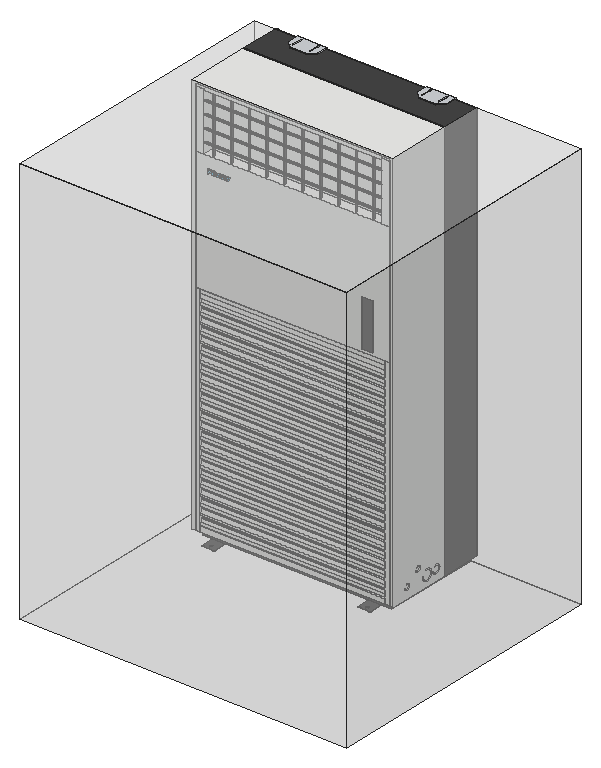
Revit family "outputfile", category 機械設備, Revit 2024
Family settings
  丸型コネクタ寸法 = 半径を使用
  パーツ タイプ = 標準
  OmniClass 番号 = 23.75.10.24.21.27.27
  OmniClass タイトル = Split System Air Conditioning Units
  作業面ベース = いいえ
  常に垂直 = はい
  ロード時にボイドで切り取り = いいえ
  注釈の向きを維持 = いいえ
  共有 = いいえ
  部屋計算ポイント = いいえ
Parameters (values of type "FVGR8PVL")
  Description = ""
  書き出し IFC クラス(タイプ) = "IfcUnitaryEquipmentType"
  定義済み IFC タイプ(タイプ) = "AIRCONDITIONINGUNIT"
  Cost = 0
  Type Comments = ""
  Keynote = ""
  Type Image = (empty or 0)
  Assembly Code = ""
  switch_frequency = yes
  lw_powersupply [instance] = if(Rear Connection_refrigerant, S + Rear_powerinput, Width / 2)  # 479.5 mm
  lw_liquidpipe [instance] = if(Rear Connection_refrigerant, S, Width / 2)  # 479.5 mm
  lw_gaspipe [instance] = if(Rear Connection_refrigerant, S + Rear_gas, Width / 2)  # 479.5 mm
  lw_drain [instance] = if(Rear Connection_refrigerant, S + Rear_drain, Width / 2)  # 479.5 mm
  lh_powersupply [instance] = if(and(Width = 1279.0 mm, Right Connection_refrigerant), 132.0 mm, if(Rear Connection_refrigerant, 83.0 mm, 82.0 mm))  # 82.0 mm
  lh_liquidpipe [instance] = if(Rear Connection_refrigerant, 83.0 mm, 132.0 mm)  # 132.0 mm
  lh_gaspipe [instance] = if(Rear Connection_refrigerant, 83.0 mm, 82.0 mm)  # 82.0 mm
  lh_drain [instance] = if(Rear Connection_refrigerant, 83.0 mm, 82.0 mm)  # 82.0 mm
  ld_powersupply [instance] = 82.0 mm  # constant formula
  ld_liquidpipe [instance] = if(Left Connection_refrigerant, 202.0 mm, 147.0 mm)  # 147.0 mm
  ld_gaspipe [instance] = 202.0 mm  # constant formula
  ld_drain [instance] = 257.0 mm  # constant formula
  l_powersupply [instance] = if(Rear Connection_refrigerant, Depth - ld_powersupply, Width / 2)  # 479.5 mm
  l_liquidpipe [instance] = if(Rear Connection_refrigerant, Depth - ld_liquidpipe, Width / 2)  # 479.5 mm
  l_gaspipe [instance] = if(Rear Connection_refrigerant, Depth - ld_gaspipe, Width / 2)  # 479.5 mm
  l_drain [instance] = if(Rear Connection_refrigerant, Depth - ld_drain, Width / 2)  # 479.5 mm
  h_mountinghole = 1.5 mm  # constant formula
  connector_voltage = Voltage_60Hz  # 220 V
  connector_powerinput = [Power Input (Cooling)]  # 7.820 kW
  connector_phase = Phase_60Hz  # 1
  URL = ""
  Rear_powerinput = if(Width = 1279.0 mm, 345.0 mm, if(Width = 1129.0 mm, 295.0 mm, 100.0 mm))  # 100.0 mm
  Rear_gas = if(Width = 959.0 mm, 300.0 mm, 100.0 mm)  # 300.0 mm
  angle_horizontal [instance] = if(Rear Connection_refrigerant, 180.00°, if(Left Connection_refrigerant, 270.00°, 90.00°))  # 90.00°
  Z = if(Width = 1279.0 mm, 50.0 mm, 0.0 mm)  # 0.0 mm
  Voltage_comment_60Hz = "220"
  Voltage_60Hz = 220 V
  S = if(or(Width = 1279.0 mm, Width = 1129.0 mm), 385.0 mm, 220.0 mm)  # 220.0 mm
  Right Connection_refrigerant [instance] = yes
  製造元 = "Daikin"
  モデル = "FVGR8PVL"
  r_Liquid Pipe Size = Liquid Pipe Size / 2  # 6.35 mm
  r_Gas Pipe Size = Gas Pipe Size / 2  # 11.1 mm
  r_Drain Pipe Size = Drain Pipe Size / 2  # 12.7 mm
  h*** = 0.0 mm  # constant formula
  Width = 959.0 mm
  Version = "ver.1.0"
  Unit Type = "Floor Standing"
  Unit Mass Weight = 135.00 kg
  Unit Designation [instance] = ""
  Uniclass2015Version = "Products v1.30"
  Uniclass2015Title = "Split coil room air conditioning units"
  Uniclass2015Code = "Pr_70_65_03_86"
  Total Cooling Capacity [instance] = 0.000 kW
  Sound Pressure Level_M speed (dBA) = 59
  Sound Pressure Level_L speed (dBA) = 55
  Sound Pressure Level_H speed (dBA) = 64
  Sound Power Level_H speed (dB) = 0
  Series = "Package Aircon_Fan Coil Unit"
  Sensible Cooling Capacity [instance] = 0.000 kW
  Refrigerant Type = "R410A"
  Rear_drain = if(Width = 959.0 mm, 200.0 mm, 195.0 mm)  # 200.0 mm
  Rear Connection_refrigerant [instance] = no
  Power Input (Cooling) = 7.820 kW
  Phase_60Hz = 1
  Option Accessory 3 [instance] = ""
  Option Accessory 2 [instance] = ""
  Option Accessory 1 [instance] = ""
  Nominal Cooling Capacity = 23.500 kW
  Minimum External Static Pressure = 0.00 Pa
  Minimum Circuit Amps_60Hz = 0.0 A
  Minimum Airflow = 2888.00 m³/h
  Median Airflow = 3568.00 m³/h
  Maximum Fuse Amps_60Hz = 0.0 A
  Maximum External Static Pressure = 0.00 Pa
  Maximum Airflow = 4417.00 m³/h
  Material_Casing = DAIKIN_White_Casing_indoorunit
  M = if(Width = 1279.0 mm, 200.0 mm, 124.0 mm)  # 124.0 mm
  Load Classification = HVAC
  Liquid Pipe Size = 12.7 mm
  Link_Nested Family [instance] = ""
  Left Connection_refrigerant [instance] = no
  IfcVersion = ""
  IfcExportType = "AIRCONDITIONINGUNIT"
  IfcExportAs = "IfcUnitaryEquipmentType"
  Height = 1947.0 mm  # constant formula
  Heat Exchanger Type = "Cross Fin Coil"
  Gas Pipe Size = 22.2 mm
  Frequency_60Hz = 60 Hz
  Fan Type = "Sirocco Fan"
  Fan Drive = "-"
  FCU Tag No. [instance] = ""
  Drain Pipe Size = 25.4 mm
  Design Supply Airflow [instance] = 0.00 m³/h
  Design External Static Pressure [instance] = 0.00 Pa
  Depth = 500.0 mm
  既定の高さ = 0.0 mm
  Cooling Entering Wet Bulb Temperature [instance] = 0.00 °C
  Cooling Entering Dry Bulb Temperature [instance] = 0.00 °C
  Cooling Ambient Wet Bulb Temperature [instance] = 0.00 °C
  Cooling Ambient Dry Bulb Temperature [instance] = 0.00 °C
  Clearance visibility [instance] = yes
  Clearance Top = 0.0 mm
  Clearance Right [instance] = if(Right Connection_refrigerant, 500.0 mm, 100.0 mm)  # 500.0 mm
  Clearance Rear [instance] = if(Rear Connection_refrigerant, 500.0 mm, 0.0 mm)  # 0.0 mm
  Clearance Left [instance] = if(Left Connection_refrigerant, 500.0 mm, 100.0 mm)  # 100.0 mm
  Clearance Front = 900.0 mm
  Clearance Bottom = 0.0 mm
Reference planes
  plane 1: z = 0
  plane 2 "Center (Left/Right)": x = 0
  plane 3 "Center (Front/Back)": y = 157.5
  plane 4 "Front": y = -92.5
  plane 5 "Left": x = -479.5
  plane 6 "Right": x = 479.5
  plane 7 "Top": z = 1947
  plane 8: z = 1947
  plane 9: z = 0
  plane 10 "Bottom": z = 0
  plane 11 "Back": y = 407.5
  plane 12: y = 407.5
  plane 13: y = -992.5
  plane 14: x = -579.5
  plane 15: x = 979.5
  plane 16: z = 31
  plane 17: z = 1597
  plane 18: x = -399.5
  plane 19 "c1": x = -450
  plane 20 "c2": x = 450
  plane 21 "j2": y = 402.3
  plane 22 "j1": y = -62.7
  plane 23 "R_F": y = -10.5
  plane 24 "R_G": y = 109.5
  plane 25 "R_H": y = 164.5
  plane 26 "R_X": y = 54.5
  plane 27 "R_Y": z = 82
  plane 28 "R_Z": z = 132
  plane 29 "R_interunit wiring": z = 82
  plane 30 "M": x = 355.5
  plane 31 "S": x = -259.5
  plane 32 "背面ガス": x = 40.5
  plane 33 "背面ドレン": x = -59.5
  plane 34 "背面電源": x = -159.5
  plane 35 "lh_drain": z = 82
  plane 36 "lh_gaspipe": z = 82
  plane 37 "lh_liquidpipe": z = 132
  plane 38 "lh_powersupply": z = 82
  plane 39 "lw_liquidpipe": x = 0
  plane 40 "lw_gaspipe": x = 0
  plane 41 "lw_drain": x = 0
  plane 42 "lw_powersupply": x = 0
  plane 43 "ld_powersupply": y = -10.5
  plane 44 "ld_drain": y = 164.5
  plane 45 "ld_gaspipe": y = 109.5
  plane 46 "ld_liquidpipe": y = 54.5
Forms (mm)
  Extrusion 1, solid, material "DAIKIN_Black_logo"
    sketch origin (0, 0, 0) x (-1, 0, 0) y (0, -1, 0)
      loop
        line (479.5, -405.8) -> (479.5, -215.8) -> (-479.5, -215.8) -> (-479.5, -405.8) -> (479.5, -405.8)
    from 31 to 1947
  Extrusion 2, solid, material "DAIKIN_White_Casing_indoorunit" <- "Material_Casing"
    sketch origin (0, 0, 0) x (-1, 0, 0) y (0, -1, 0)
      loop
        line (479.5, -215.8) -> (479.5, 92.5) -> (-479.5, 92.5) -> (-479.5, -215.8) -> (479.5, -215.8)
    from 31 to 1947
  Extrusion 3, solid, material "DAIKIN_Black_logo"
    sketch origin (0, 0, 0) x (-1, 0, 0) y (0, -1, 0)
      loop
        line (479.5, -407.5) -> (479.5, -405.8) -> (-479.5, -405.8) -> (-479.5, -407.5) -> (479.5, -407.5)
    from 31 to 1071
  Extrusion 4, solid, material "DAIKIN_Black_logo"
    sketch origin (0, 0, 0) x (-1, 0, 0) y (0, -1, 0)
      loop
        line (479.5, -407.5) -> (479.5, -405.8) -> (-479.5, -405.8) -> (-479.5, -407.5) -> (479.5, -407.5)
    from 1071 to 1947
  Extrusion 5, void
    sketch origin (0, -92.5, 0) x (-1, 0, 0) y (0, 0, 1)
      loop
        line (462.5, 1939.2) -> (-462.5, 1939.2) -> (-462.5, 31) -> (462.5, 31) -> (462.5, 1939.2)
    from 0 to 50
  Extrusion 6, solid, material "DAIKIN_Black_logo"
    sketch origin (0, 0, 0) x (-1, 0, 0) y (0, -1, 0)
      loop
        line (450, -402.3) -> (450, 62.7) -> (-450, 62.7) -> (-450, -402.3) -> (450, -402.3)
    from 0 to 31
  Extrusion 7, solid, material "DAIKIN_White_Casing_indoorunit" <- "Material_Casing"
    sketch origin (479.5, 0, 0) x (0, 1, 0) y (0, 0, 1)
      loop
        circle (54.5, 132) r 12.7
      loop
        circle (54.5, 132) r 11.5
    from 0 to -2
  Extrusion 8, solid, material "DAIKIN_White_Casing_indoorunit" <- "Material_Casing"
    sketch origin (479.5, 0, 0) x (0, 1, 0) y (0, 0, 1)
      loop
        circle (109.5, 82) r 25.4
      loop
        circle (109.5, 82) r 24.2
    from 0 to -3
  Extrusion 9, solid, material "DAIKIN_White_Casing_indoorunit" <- "Material_Casing"
    sketch origin (479.5, 0, 0) x (0, 1, 0) y (0, 0, 1)
      loop
        circle (164.5, 82) r 19.05
      loop
        circle (164.5, 82) r 17.85
    from 0 to -3
  Extrusion 10, solid, material "DAIKIN_White_Casing_indoorunit" <- "Material_Casing"
    sketch origin (479.5, 0, 0) x (0, 1, 0) y (0, 0, 1)
      loop
        circle (-10.5, 82) r 12.7
      loop
        circle (-10.5, 82) r 11.5
    from 0 to -3
  Extrusion 11, solid, material "DAIKIN_White_Casing_indoorunit" <- "Material_Casing"
    sketch origin (-479.5, 0, 0) x (0, 1, 0) y (0, 0, 1)
      loop
        circle (109.5, 132) r 12.7
      loop
        circle (109.5, 132) r 11.5
    from 0 to 3
  Extrusion 12, solid, material "DAIKIN_White_Casing_indoorunit" <- "Material_Casing"
    sketch origin (-479.5, 0, 0) x (0, 1, 0) y (0, 0, 1)
      loop
        circle (109.5, 82) r 25.4
      loop
        circle (109.5, 82) r 24.2
    from 0 to 3
  Extrusion 13, solid, material "DAIKIN_White_Casing_indoorunit" <- "Material_Casing"
    sketch origin (-479.5, 0, 0) x (0, 1, 0) y (0, 0, 1)
      loop
        circle (164.5, 82) r 19.05
      loop
        circle (164.5, 82) r 17.85
    from 0 to 3
  Extrusion 14, solid, material "DAIKIN_White_Casing_indoorunit"
    sketch origin (-479.5, 0, 0) x (0, 1, 0) y (0, 0, 1)
      loop
        circle (-10.5, 82) r 12.7
      loop
        circle (-10.5, 82) r 11.5
    from 0 to 3
  Extrusion 15, solid, material "DAIKIN_White_Casing_indoorunit"
    sketch origin (0, 407.5, 0) x (-1, 0, 0) y (0, 0, 1)
      loop
        line (-355.5, 182) -> (-355.5, 82) -> (-130.5, 82) -> (-130.5, 182) -> (-355.5, 182)
    from 0 to -1.7
  Extrusion 16, solid, material "DAIKIN_White_Casing_indoorunit" <- "Material_Casing"
    sketch origin (0, 407.5, 0) x (-1, 0, 0) y (0, 0, 1)
      loop
        circle (259.5, 83) r 12.7
      loop
        circle (259.5, 83) r 11.5
    from 0 to -1.7
  Extrusion 17, solid, material "DAIKIN_White_Casing_indoorunit" <- "Material_Casing"
    sketch origin (0, 407.5, 0) x (-1, 0, 0) y (0, 0, 1)
      loop
        circle (-40.5, 83) r 25.4
      loop
        circle (-40.5, 83) r 24.2
    from 0 to -1.7
  Extrusion 18, solid, material "DAIKIN_White_Casing_indoorunit" <- "Material_Casing"
    sketch origin (0, 407.5, 0) x (-1, 0, 0) y (0, 0, 1)
      loop
        circle (59.5, 83) r 19.05
      loop
        circle (59.5, 83) r 17.85
    from 0 to -1.7
  Extrusion 19, solid, material "DAIKIN_White_Casing_indoorunit" <- "Material_Casing"
    sketch origin (0, 407.5, 0) x (-1, 0, 0) y (0, 0, 1)
      loop
        circle (159.5, 83) r 12.7
      loop
        circle (159.5, 83) r 11.473
    from 0 to -1.7
Cuts and joins
  Extrusion 5 cuts Extrusion 2
Dimensions and locks
  "h***": plane 10 "Bottom" to plane 1
  "Clearance Bottom": plane 10 "Bottom" to plane 9
  "Height": plane 7 "Top" to plane 10 "Bottom"
  "Clearance Top": plane 8 to plane 7 "Top"
  equal spacing: plane 11 "Back", plane 3 "Center (Front/Back)", plane 4 "Front"
  "Depth": plane 11 "Back" to plane 4 "Front"
  "Clearance Rear": plane 12 to plane 11 "Back"
  "Clearance Front": plane 4 "Front" to plane 13
  "Clearance Left": plane 14 to plane 5 "Left"
  "Clearance Right": plane 6 "Right" to plane 15
  equal spacing: plane 5 "Left", plane 2 "Center (Left/Right)", plane 6 "Right"
  "Width": plane 5 "Left" to plane 6 "Right"
  locked: plane 11 "Back" to Extrusion 1 sketch curve at 191.7
  locked: Extrusion 1 sketch curve to Extrusion 1 sketch curve at 190
  locked: plane 16 to plane 10 "Bottom" at 31
  Extrusion 5 sketch curve to plane 5 "Left" = 17.0 mm
  plane 6 "Right" to Extrusion 5 sketch curve = 17.0 mm
  plane 7 "Top" to Extrusion 5 sketch curve = 7.8 mm
  locked: plane 7 "Top" to plane 17 at 350
  locked: plane 18 to plane 5 "Left" at 80
  locked: plane 21 "j2" to plane 11 "Back" at 5.2
  locked: plane 4 "Front" to plane 22 "j1" at 29.8
  locked: plane 20 "c2" to plane 6 "Right" at 29.5
  locked: plane 5 "Left" to plane 19 "c1" at 29.5
  locked: plane 4 "Front" to plane 23 "R_F" at 82
  locked: plane 23 "R_F" to plane 24 "R_G" at 120
  locked: plane 24 "R_G" to plane 25 "R_H" at 55
  locked: plane 4 "Front" to plane 26 "R_X" at 147
  locked: plane 27 "R_Y" to plane 10 "Bottom" at 82
  locked: plane 28 "R_Z" to plane 27 "R_Y" at 50
  "Z": plane 29 "R_interunit wiring" to plane 27 "R_Y"
  "M": plane 6 "Right" to plane 30 "M"
  locked: Extrusion 15 sketch curve to Extrusion 15 sketch curve at 225
  locked: plane 10 "Bottom" to Extrusion 15 sketch curve at 82
  locked: Extrusion 15 sketch curve to Extrusion 15 sketch curve at 100
  "S": plane 31 "S" to plane 5 "Left"
  locked: plane 16 to Extrusion 16 sketch curve at 52  (x2)
  "Rear_gas": plane 31 "S" to plane 32 "背面ガス"
  locked: plane 16 to Extrusion 17 sketch curve at 52
  "Rear_drain": plane 33 "背面ドレン" to plane 31 "S"
  locked: plane 16 to Extrusion 18 sketch curve at 52  (x2)
  "Rear_powerinput": plane 31 "S" to plane 34 "背面電源"
  locked: plane 16 to Extrusion 19 sketch curve at 52  (x2)
  "lh_liquidpipe": plane 37 "lh_liquidpipe" to plane 10 "Bottom"
  "lh_gaspipe": plane 36 "lh_gaspipe" to plane 10 "Bottom"
  "lh_drain": plane 35 "lh_drain" to plane 10 "Bottom"
  "lh_powersupply": plane 38 "lh_powersupply" to plane 10 "Bottom"
  "lw_liquidpipe": plane 5 "Left" to plane 39 "lw_liquidpipe"
  "lw_gaspipe": plane 5 "Left" to plane 40 "lw_gaspipe"
  "lw_drain": plane 5 "Left" to plane 41 "lw_drain"
  "lw_powersupply": plane 5 "Left" to plane 42 "lw_powersupply"
  "ld_liquidpipe": plane 46 "ld_liquidpipe" to plane 4 "Front"
  "ld_gaspipe": plane 45 "ld_gaspipe" to plane 4 "Front"
  "ld_drain": plane 44 "ld_drain" to plane 4 "Front"
  "ld_powersupply": plane 43 "ld_powersupply" to plane 4 "Front"
  aligned and locked: level to plane 1
  aligned and locked: plane 8 to nested 1
  aligned and locked: plane 9 to nested 1
  aligned and locked: plane 12 to nested 1
  aligned and locked: nested 1 to plane 13
  aligned and locked: plane 14 to nested 1
  aligned and locked: plane 15 to nested 1
  aligned and locked: plane 5 "Left" to Extrusion 1 sketch curve
  aligned and locked: Extrusion 1 sketch curve to plane 6 "Right"
  aligned and locked: plane 7 "Top" to Extrusion 1
  aligned and locked: Extrusion 1 to plane 16
  aligned and locked: Extrusion 2 sketch curve to Extrusion 1
  aligned and locked: plane 5 "Left" to Extrusion 2 sketch curve
  aligned and locked: Extrusion 2 sketch curve to plane 6 "Right"
  aligned and locked: plane 4 "Front" to Extrusion 2 sketch curve
  aligned and locked: Extrusion 2 to plane 16
  aligned and locked: plane 7 "Top" to Extrusion 2
  aligned and locked: plane 5 "Left" to Extrusion 3 sketch curve
  aligned and locked: Extrusion 3 sketch curve to plane 6 "Right"
  aligned and locked: Extrusion 3 sketch curve to plane 11 "Back"
  aligned and locked: Extrusion 3 sketch curve to Extrusion 1
  aligned and locked: Extrusion 3 to plane 16
  aligned and locked: Extrusion 4 sketch curve to plane 11 "Back"
  aligned and locked: Extrusion 4 sketch curve to plane 5 "Left"
  aligned and locked: plane 6 "Right" to Extrusion 4 sketch curve
  aligned and locked: Extrusion 4 sketch curve to Extrusion 3
  aligned and locked: plane 7 "Top" to Extrusion 4
  aligned and locked: plane 4 "Front" to nested 2
  aligned and locked: plane 2 "Center (Left/Right)" to nested 2
  aligned and locked: plane 10 "Bottom" to nested 2
  aligned and locked: plane 16 to Extrusion 5 sketch curve
  aligned and locked: nested 3 to plane 4 "Front"
  aligned and locked: plane 17 to nested 3
  aligned and locked: plane 18 to nested 3
  aligned and locked: Extrusion 6 sketch curve to plane 21 "j2"
  aligned and locked: Extrusion 6 sketch curve to plane 19 "c1"
  aligned and locked: plane 20 "c2" to Extrusion 6 sketch curve
  aligned and locked: plane 22 "j1" to Extrusion 6 sketch curve
  aligned and locked: plane 16 to Extrusion 6
  aligned and locked: Extrusion 6 to plane 10 "Bottom"
  aligned and locked: nested 4 to plane 3 "Center (Front/Back)"
  aligned and locked: plane 2 "Center (Left/Right)" to nested 4
  aligned and locked: plane 10 "Bottom" to nested 4
  aligned and locked: plane 28 "R_Z" to Extrusion 7 sketch curve  (x2)
  aligned and locked: Extrusion 7 sketch curve to plane 26 "R_X"  (x2)
  aligned and locked: Extrusion 8 sketch curve to plane 24 "R_G"
  aligned and locked: plane 27 "R_Y" to Extrusion 8 sketch curve
  aligned and locked: Extrusion 9 sketch curve to plane 25 "R_H"  (x2)
  aligned and locked: plane 27 "R_Y" to Extrusion 9 sketch curve  (x2)
  aligned and locked: Extrusion 10 sketch curve to plane 23 "R_F"  (x2)
  aligned and locked: plane 29 "R_interunit wiring" to Extrusion 10 sketch curve  (x2)
  aligned and locked: plane 28 "R_Z" to Extrusion 11 sketch curve  (x2)
  aligned and locked: plane 24 "R_G" to Extrusion 11 sketch curve  (x2)
  aligned and locked: plane 24 "R_G" to Extrusion 12 sketch curve
  aligned and locked: plane 27 "R_Y" to Extrusion 12 sketch curve
  aligned and locked: plane 25 "R_H" to Extrusion 13 sketch curve  (x2)
  aligned and locked: plane 27 "R_Y" to Extrusion 13 sketch curve  (x2)
  aligned and locked: plane 23 "R_F" to Extrusion 14 sketch curve  (x2)
  aligned and locked: plane 27 "R_Y" to Extrusion 14 sketch curve  (x2)
  aligned and locked: Extrusion 15 sketch curve to plane 30 "M"
  aligned and locked: plane 31 "S" to Extrusion 16 sketch curve  (x2)
  aligned and locked: Extrusion 17 sketch curve to plane 32 "背面ガス"  (x2)
  aligned and locked: Extrusion 18 sketch curve to plane 33 "背面ドレン"  (x2)
  aligned and locked: Extrusion 19 sketch curve to plane 34 "背面電源"  (x2)
  aligned and locked: nested 10 to plane 40 "lw_gaspipe"
  aligned and locked: nested 12 to plane 42 "lw_powersupply"
  aligned and locked: nested 11 to plane 41 "lw_drain"
  aligned and locked: nested 9 to plane 39 "lw_liquidpipe"
  aligned and locked: nested 9 to plane 46 "ld_liquidpipe"
  aligned and locked: nested 10 to plane 45 "ld_gaspipe"
  aligned and locked: nested 11 to plane 44 "ld_drain"
  aligned and locked: nested 12 to plane 43 "ld_powersupply"
  aligned and locked: nested 13 to plane 11 "Back"
  aligned and locked: plane 2 "Center (Left/Right)" to nested 13
  aligned and locked: plane 7 "Top" to nested 13
Automatic sketch dimensions
  Extrusion 8 sketch curve to Extrusion 8 sketch curve = 0.0 mm  (x2)
  Extrusion 12 sketch curve to Extrusion 12 sketch curve = 0.0 mm  (x2)
  Extrusion 17 sketch curve to Extrusion 17 sketch curve = 0.0 mm
  radius of Extrusion 7 sketch curve = 12.7 mm
  radius of Extrusion 7 sketch curve = 11.5 mm
  radius of Extrusion 8 sketch curve = 25.4 mm
  radius of Extrusion 8 sketch curve = 24.2 mm
  radius of Extrusion 9 sketch curve = 19.05 mm
  radius of Extrusion 9 sketch curve = 17.85 mm
  radius of Extrusion 10 sketch curve = 12.7 mm
  radius of Extrusion 10 sketch curve = 11.5 mm
  radius of Extrusion 11 sketch curve = 12.7 mm
  radius of Extrusion 11 sketch curve = 11.5 mm
  radius of Extrusion 12 sketch curve = 25.4 mm
  radius of Extrusion 12 sketch curve = 24.2 mm
  radius of Extrusion 13 sketch curve = 19.05 mm
  radius of Extrusion 13 sketch curve = 17.85 mm
  radius of Extrusion 14 sketch curve = 12.7 mm
  radius of Extrusion 14 sketch curve = 11.5 mm
  radius of Extrusion 16 sketch curve = 12.7 mm
  radius of Extrusion 16 sketch curve = 11.5 mm
  radius of Extrusion 17 sketch curve = 25.4 mm
  radius of Extrusion 17 sketch curve = 24.2 mm
  radius of Extrusion 18 sketch curve = 19.05 mm
  radius of Extrusion 18 sketch curve = 17.85 mm
  radius of Extrusion 19 sketch curve = 12.7 mm
  radius of Extrusion 19 sketch curve = 11.473 mm
Nested families
  nested 1: "daikin_clearancespace" at (200, -292.5, 973.619), visible <- "Clearance visibility", show <- "Clearance visibility", Link_Nested Family <- "Link_Nested Family", type "daikin_clearancespace"
    with width 1559.0 mm, show yes, height 1947.0 mm, depth 1400.0 mm, Link_Nested Family ""
  nested 2: "daikin_round flow_panel" at (0, -42.5, 0), type "daikin_round flow_panel"
  nested 3: "daikin_logo_elevation_w100" at (-334.5, -92.5, 1572), type "daikin_logo_elevation_w100"
    with show_logo yes
  nested 4: "daikin_unit monting plae" at (0, 157.5, 0), type "daikin_unit monting plae"
  nested 5: "daikin_mountinghole" at (-371.5, 452.3, 0), type "daikin_mountinghole"
    with show yes, l_antenna 1946.5 mm, h_mountinghole 1.5 mm, Link_Nested Family ""
  nested 6: "daikin_mountinghole" at (-371.5, -112.7, 0), type "daikin_mountinghole"
    with show yes, l_antenna 1946.5 mm, h_mountinghole 1.5 mm, Link_Nested Family ""
  nested 7: "daikin_mountinghole" at (371.5, -112.7, 0), type "daikin_mountinghole"
    with show yes, l_antenna 1946.5 mm, h_mountinghole 1.5 mm, Link_Nested Family ""
  nested 8: "daikin_mountinghole" at (371.5, 452.3, 0), type "daikin_mountinghole"
    with show yes, l_antenna 1946.5 mm, h_mountinghole 1.5 mm, Link_Nested Family ""
  nested 9: "daikin_connector_rotate3" at (0, 54.5, 132), radius <- "r_Liquid Pipe Size", angle_horizontal <- "angle_horizontal", length <- "l_liquidpipe", type "*"
    with radius 6.35 mm, length 479.5 mm, angle_vertical 90.00°, angle_horizontal 90.00°, show_line no, show_face no
  nested 10: "daikin_connector_rotate3" at (0, 109.5, 82), radius <- "r_Gas Pipe Size", angle_horizontal <- "angle_horizontal", length <- "l_gaspipe", type "*"
    with radius 11.1 mm, length 479.5 mm, angle_vertical 90.00°, angle_horizontal 90.00°, show_line no, show_face no
  nested 11: "daikin_connector_rotate3" at (0, 164.5, 82), radius <- "r_Drain Pipe Size", angle_horizontal <- "angle_horizontal", length <- "l_drain", type "*"
    with radius 12.7 mm, length 479.5 mm, angle_vertical 90.00°, angle_horizontal 90.00°, show_line no, show_face no
  nested 12: "daikin_connector_rotate3" at (0, -10.5, 82), angle_horizontal <- "angle_horizontal", length <- "l_powersupply", type "*"
    with radius 12.7 mm, length 479.5 mm, angle_vertical 90.00°, angle_horizontal 90.00°, show_line no, show_face no
  nested 13: "daikin_wall monting plae" at (0, 407.5, 1947), type "daikin_wall monting plae"
Connectors
  piping at (479.5, 54.5, 132), diameter 12.7, driven by "r_Liquid Pipe Size"
    settings: on nested 9, index 1, connector inside diameter 609.6 mm, connector length 0.0 mm, flow factor 0, pipe flow 0.00 m³/h, pressure drop 0.0 Pa, fitting loss kfactor 0, connector angle 0.00°, fixture units 0, engagement length 0.0 mm, angle of deflection 0.00°, flow configuration 1, flow direction 1, fitting loss method 0, system type 29, joint type 0, gender type 0, connector reference index -1, connector utility 0, adjustable connector no, is connector primary yes, connector description "Refrigerant Liquid Piping"
  piping at (479.5, 109.5, 82), diameter 22.2, driven by "r_Gas Pipe Size"
    settings: on nested 10, index 2, connector inside diameter 609.6 mm, connector length 0.0 mm, flow factor 0, pipe flow 0.00 m³/h, pressure drop 0.0 Pa, fitting loss kfactor 0, connector angle 0.00°, fixture units 0, engagement length 0.0 mm, angle of deflection 0.00°, flow configuration 1, flow direction 2, fitting loss method 0, system type 29, joint type 0, gender type 0, connector reference index -1, connector utility 0, adjustable connector no, is connector primary no, connector description "Refrigerant Gas Piping"
  piping at (479.5, 164.5, 82), diameter 25.4, driven by "r_Drain Pipe Size"
    settings: on nested 11, index 3, connector inside diameter 609.6 mm, connector length 0.0 mm, flow factor 0, pipe flow 0.00 m³/h, pressure drop 0.0 Pa, fitting loss kfactor 0, connector angle 0.00°, fixture units 0, engagement length 0.0 mm, angle of deflection 0.00°, flow configuration 1, flow direction 2, fitting loss method 4, system type 16, joint type 0, gender type 0, connector reference index -1, connector utility 0, adjustable connector no, is connector primary no, connector description "Condensate Drain Piping"
  electrical at (479.5, -10.5, 82), driven by "connector_phase", driven by "Load Classification", driven by "connector_voltage", driven by "connector_powerinput"
    settings: on nested 12, index 4, voltage 220 V, apparent load 7820 VA, apparent load phase1 0 VA, apparent load phase2 0 VA, apparent load phase3 0 VA, power factor 1, load classification "HVAC", number of poles 1, system type 30, power factor state 1, is connector primary yes, connector utility no, sub classification motor no, connector description "Power Supply"
Definition of nested family "daikin_clearancespace"
  Parameters (values of type "daikin_clearancespace")
    Description = "daikin_clearancespace"
    width [instance] = 1823.963 mm
    show [instance] = yes
    material = none
    height [instance] = 1359.762 mm
    depth [instance] = 880.0 mm
    Default Elevation = 0.0 mm
    Link_Nested Family [instance] = ""
  Reference planes
    plane 1 "Center (Front/Back)": y = 0
    plane 2 "Center (Elevation)": z = -0.119
    plane 3 "Center (Left/Right)": x = 0
    plane 4: y = 440
    plane 5: y = -440
    plane 6 "Right": x = 911.982
    plane 7 "Left": x = -911.982
    plane 8 "Top": z = 679.762
    plane 9 "Bottom": z = -680
  Forms (mm)
    Extrusion 1, solid, material <- "material", visible <- "show"
      sketch origin (0, 0, 0) x (1, 0, 0) y (0, 1, 0)
        loop
          line (-911.982, 440) -> (-911.982, -440) -> (911.982, -440) -> (911.982, 440) -> (-911.982, 440)
      from -680 to 679.762
  Lines and regions (mm)
    symbolic lines, visible <- "show"
      curve 1: line (911.982, 440, 0) -> (-911.982, 440, 0)
      curve 2: line (-911.982, 440, 0) -> (-911.982, -440, 0)
      curve 3: line (-911.982, -440, 0) -> (911.982, -440, 0)
      curve 4: line (911.982, -440, 0) -> (911.982, 440, 0)
      curve 5: line (911.982, 0, 679.762) -> (-911.982, 0, 679.762)
      curve 6: line (911.982, 0, -680) -> (911.982, 0, 679.762)
      curve 7: line (-911.982, 0, -680) -> (911.982, 0, -680)
      curve 8: line (-911.982, 0, 679.762) -> (-911.982, 0, -680)
      curve 9: line (0, 440, 679.762) -> (0, -440, 679.762)
      curve 10: line (0, -440, 679.762) -> (0, -440, -680)
      curve 11: line (0, 440, -680) -> (0, 440, 679.762)
      curve 12: line (0, -440, -680) -> (0, 440, -680)
  Dimensions and locks
    "width": plane 7 "Left" to plane 6 "Right"
    "depth": plane 4 to plane 5
    "height": plane 8 "Top" to plane 9 "Bottom"
    equal spacing: plane 7 "Left", plane 3 "Center (Left/Right)", plane 6 "Right"
    equal spacing: plane 4, plane 1 "Center (Front/Back)", plane 5
    equal spacing: plane 8 "Top", plane 2 "Center (Elevation)", plane 9 "Bottom"
    aligned and locked: level to plane 2 "Center (Elevation)"
    aligned and locked: Extrusion 1 sketch curve to plane 4
    aligned and locked: plane 7 "Left" to Extrusion 1 sketch curve
    aligned and locked: Extrusion 1 sketch curve to plane 5
    aligned and locked: Extrusion 1 sketch curve to plane 6 "Right"
    aligned and locked: plane 8 "Top" to Extrusion 1
    aligned and locked: curve 1 to Extrusion 1
    aligned and locked: curve 2 to Extrusion 1
    aligned and locked: curve 3 to Extrusion 1
    aligned and locked: curve 4 to Extrusion 1
    aligned and locked: curve 5 to Extrusion 1
    aligned and locked: curve 6 to Extrusion 1
    aligned and locked: curve 7 to Extrusion 1
    aligned and locked: curve 8 to Extrusion 1
    aligned and locked: curve 9 to Extrusion 1
    aligned and locked: curve 10 to Extrusion 1
    aligned and locked: curve 11 to Extrusion 1
    aligned and locked: curve 12 to Extrusion 1
    aligned and locked: Extrusion 1 to plane 9 "Bottom"
Definition of nested family "daikin_round flow_panel"
  Parameters (values of type "daikin_round flow_panel")
    n = if(A = 1129.0 mm, 12, if(A = 1279.0 mm, 14, 10))  # 10
    material = none
    a = if(A = 1279.0 mm, 85.0 mm, 95.0 mm)  # 95.0 mm
    E = 1071.0 mm  # constant formula
    Default Elevation = 0.0 mm
    D = 581.0 mm  # constant formula
    B = 1947.0 mm  # constant formula
    A = 959.0 mm
  Reference planes
    plane 1 "Center (Front/Back)": y = 0
    plane 2: z = 0
    plane 3 "Center (Left/Right)": x = 0
    plane 4: z = 31
    plane 5: z = 1071
    plane 6: z = 1652
    plane 7: z = 1947
    plane 8: x = -479.5
    plane 9: x = 479.5
    plane 10: y = -50
    plane 11: x = -462.5
    plane 12: x = 462.5
    plane 13: z = 1939.2
    plane 14: x = -384.5
    plane 15: y = -44
    plane 16: y = -50
    plane 17: x = -299.5
    plane 18: x = -299.5
    plane 19: y = -44
    plane 20: y = -50
    plane 21: x = -214.5
    plane 22: x = -214.5
    plane 23: y = -44
    plane 24: y = -50
    plane 25: x = -129.5
    plane 26: x = -129.5
    plane 27: y = -44
    plane 28: y = -50
    plane 29: x = -44.5
    plane 30: x = -44.5
    plane 31: y = -44
    plane 32: y = -50
    plane 33: x = 40.5
    plane 34: x = 40.5
    plane 35: y = -44
    plane 36: y = -50
    plane 37: x = 125.5
    plane 38: x = 125.5
    plane 39: y = -44
    plane 40: y = -50
    plane 41: x = 210.5
    plane 42: x = 210.5
    plane 43: y = -44
    plane 44: y = -50
    plane 45: x = 295.5
    plane 46: x = 295.5
    plane 47: y = -44
    plane 48: y = -50
    plane 49: x = 380.5
    plane 50: x = 380.5
    plane 51: y = -44
    plane 52: y = -50
    plane 53: x = 465.5
  Forms (mm)
    Extrusion 1, solid, material <- "material"
      sketch origin (0, 0, 0) x (1, 0, 0) y (0, 0, 1)
        loop
          line (-462.5, 1652) -> (-462.5, 1071) -> (462.5, 1071) -> (462.5, 1652) -> (-462.5, 1652)
        loop
          line (331.5, 1306) -> (331.5, 1084) -> (383.5, 1084) -> (383.5, 1306) -> (331.5, 1306)
      from 0 to 50
    Extrusion 2, solid
      sketch origin (0, 0, 0) x (1, 0, 0) y (0, 0, 1)
        loop
          line (331.5, 1306) -> (331.5, 1084) -> (383.5, 1084) -> (383.5, 1306) -> (331.5, 1306)
      from 0 to 50
    Extrusion 3, solid, material <- "material"
      sketch origin (0, 0, 0) x (1, 0, 0) y (0, 0, 1)
        loop
          line (-462.5, 1929.9) -> (-462.5, 1652) -> (-424.7, 1652) -> (-424.7, 1929.9) -> (-462.5, 1929.9)
        loop
          line (424.7, 1929.9) -> (424.7, 1652) -> (462.5, 1652) -> (462.5, 1929.9) -> (424.7, 1929.9)
      from 0 to 50
    Extrusion 4, solid, material <- "material"
      sketch origin (0, 0, 0) x (1, 0, 0) y (0, 0, 1)
        loop
          line (-462.5, 1939.2) -> (-462.5, 1921.2) -> (462.5, 1921.2) -> (462.5, 1939.2) -> (-462.5, 1939.2)
      from 0 to 48.3
    Extrusion 5, solid
      sketch origin (-328.229, -1524, 1652) x (-1, 0, 0) y (0, -1, 0)
        loop
          line (56.271, -1486) -> (56.271, -1480) -> (52.271, -1480) -> (52.271, -1486) -> (56.271, -1486)
      from 0 to 269.2
    Extrusion 6, solid
      sketch origin (-243.229, -1524, 1652) x (-1, 0, 0) y (0, -1, 0)
        loop
          line (56.271, -1486) -> (56.271, -1480) -> (52.271, -1480) -> (52.271, -1486) -> (56.271, -1486)
      from 0 to 269.2
    Extrusion 7, solid
      sketch origin (-158.229, -1524, 1652) x (-1, 0, 0) y (0, -1, 0)
        loop
          line (56.271, -1486) -> (56.271, -1480) -> (52.271, -1480) -> (52.271, -1486) -> (56.271, -1486)
      from 0 to 269.2
    Extrusion 8, solid
      sketch origin (-73.229, -1524, 1652) x (-1, 0, 0) y (0, -1, 0)
        loop
          line (56.271, -1486) -> (56.271, -1480) -> (52.271, -1480) -> (52.271, -1486) -> (56.271, -1486)
      from 0 to 269.2
    Extrusion 9, solid
      sketch origin (11.771, -1524, 1652) x (-1, 0, 0) y (0, -1, 0)
        loop
          line (56.271, -1486) -> (56.271, -1480) -> (52.271, -1480) -> (52.271, -1486) -> (56.271, -1486)
      from 0 to 269.2
    Extrusion 10, solid
      sketch origin (96.771, -1524, 1652) x (-1, 0, 0) y (0, -1, 0)
        loop
          line (56.271, -1486) -> (56.271, -1480) -> (52.271, -1480) -> (52.271, -1486) -> (56.271, -1486)
      from 0 to 269.2
    Extrusion 11, solid
      sketch origin (181.771, -1524, 1652) x (-1, 0, 0) y (0, -1, 0)
        loop
          line (56.271, -1486) -> (56.271, -1480) -> (52.271, -1480) -> (52.271, -1486) -> (56.271, -1486)
      from 0 to 269.2
    Extrusion 12, solid
      sketch origin (266.771, -1524, 1652) x (-1, 0, 0) y (0, -1, 0)
        loop
          line (56.271, -1486) -> (56.271, -1480) -> (52.271, -1480) -> (52.271, -1486) -> (56.271, -1486)
      from 0 to 269.2
    Extrusion 13, solid
      sketch origin (351.771, -1524, 1652) x (-1, 0, 0) y (0, -1, 0)
        loop
          line (56.271, -1486) -> (56.271, -1480) -> (52.271, -1480) -> (52.271, -1486) -> (56.271, -1486)
      from 0 to 269.2
    Extrusion 14, solid
      sketch origin (436.771, -1524, 1652) x (-1, 0, 0) y (0, -1, 0)
        loop
          line (56.271, -1486) -> (56.271, -1480) -> (52.271, -1480) -> (52.271, -1486) -> (56.271, -1486)
      from 0 to 269.2
    Extrusion 15, solid
      sketch origin (0, 0, 0) x (0, 1, 0) y (0, 0, 1)
        loop
          line (-48.3, 1700.201) -> (-48.3, 1697.519) -> (-44, 1693.61) -> (-44, 1704.11) -> (-48.3, 1700.201)
        loop
          line (-48.3, 1760.201) -> (-48.3, 1757.519) -> (-44, 1753.61) -> (-44, 1764.11) -> (-48.3, 1760.201)
        loop
          line (-48.3, 1820.201) -> (-48.3, 1817.519) -> (-44, 1813.61) -> (-44, 1824.11) -> (-48.3, 1820.201)
        loop
          line (-48.3, 1880.201) -> (-48.3, 1877.519) -> (-44, 1873.61) -> (-44, 1884.11) -> (-48.3, 1880.201)
      from -424.7 to 424.7
    Extrusion 16, solid, material <- "material"
      sketch origin (0, 0, 0) x (1, 0, 0) y (0, 0, 1)
        loop
          line (-462.5, 1071) -> (-462.5, 31) -> (-439.5, 31) -> (-439.5, 1071) -> (-462.5, 1071)
        loop
          line (462.5, 1071) -> (439.5, 1071) -> (439.5, 31) -> (462.5, 31) -> (462.5, 1071)
      from 0 to 50
    Extrusion 17, solid, material <- "material"
      sketch origin (0, 0, 0) x (1, 0, 0) y (0, 0, 1)
        loop
          line (-439.5, 1071) -> (-439.5, 1052.4) -> (439.5, 1052.4) -> (439.5, 1071) -> (-439.5, 1071)
        loop
          line (-439.5, 55) -> (-439.5, 31) -> (439.5, 31) -> (439.5, 55) -> (-439.5, 55)
      from 0 to 50
    Extrusion 18, solid, material <- "material"
      sketch origin (0, 0, 0) x (1, 0, 0) y (0, 1, 0)
        loop
          line (-20, -44) -> (0, -44) -> (0, -38) -> (-20, -38) -> (-20, -44)
      from 55 to 1052.4
    Extrusion 19, solid, material <- "material"
      sketch origin (0, 0, 0) x (1, 0, 0) y (0, 1, 0)
        loop
          line (0, -38) -> (0, -44) -> (20, -44) -> (20, -38) -> (0, -38)
      from 55 to 1052.4
    Extrusion 20, solid, material <- "material"
      sketch origin (4267.2, -50, 94) x (0, 0, 1) y (1, 0, 0)
        loop
          line (958.4, -4706.7) -> (958.4, -3827.7) -> (936.9, -3827.7) -> (936.9, -4706.7) -> (958.4, -4706.7)
      from 6 to 0
    Extrusion 21, solid, material <- "material"
      sketch origin (0, 0, 0) x (0, 1, 0) y (0, 0, 1)
        loop
          line (-47, 93.8) -> (-47, 90.8) -> (-50, 73) -> (-50, 61) -> (-44, 61) -> (-44, 93.8) -> (-47, 93.8)
        loop
          line (-47, 134.6) -> (-47, 131.6) -> (-50, 113.8) -> (-50, 101.8) -> (-44, 101.8) -> (-44, 134.6) -> (-47, 134.6)
        loop
          line (-47, 175.4) -> (-47, 172.4) -> (-50, 154.6) -> (-50, 142.6) -> (-44, 142.6) -> (-44, 175.4) -> (-47, 175.4)
        loop
          line (-47, 216.2) -> (-47, 213.2) -> (-50, 195.4) -> (-50, 183.4) -> (-44, 183.4) -> (-44, 216.2) -> (-47, 216.2)
        loop
          line (-47, 257) -> (-47, 254) -> (-50, 236.2) -> (-50, 224.2) -> (-44, 224.2) -> (-44, 257) -> (-47, 257)
        loop
          line (-47, 297.8) -> (-47, 294.8) -> (-50, 277) -> (-50, 265) -> (-44, 265) -> (-44, 297.8) -> (-47, 297.8)
        loop
          line (-47, 338.6) -> (-47, 335.6) -> (-50, 317.8) -> (-50, 305.8) -> (-44, 305.8) -> (-44, 338.6) -> (-47, 338.6)
        loop
          line (-47, 379.4) -> (-47, 376.4) -> (-50, 358.6) -> (-50, 346.6) -> (-44, 346.6) -> (-44, 379.4) -> (-47, 379.4)
        loop
          line (-47, 420.2) -> (-47, 417.2) -> (-50, 399.4) -> (-50, 387.4) -> (-44, 387.4) -> (-44, 420.2) -> (-47, 420.2)
        loop
          line (-47, 461) -> (-47, 458) -> (-50, 440.2) -> (-50, 428.2) -> (-44, 428.2) -> (-44, 461) -> (-47, 461)
        loop
          line (-47, 501.8) -> (-47, 498.8) -> (-50, 481) -> (-50, 469) -> (-44, 469) -> (-44, 501.8) -> (-47, 501.8)
        loop
          line (-47, 542.6) -> (-47, 539.6) -> (-50, 521.8) -> (-50, 509.8) -> (-44, 509.8) -> (-44, 542.6) -> (-47, 542.6)
        loop
          line (-47, 583.4) -> (-47, 580.4) -> (-50, 562.6) -> (-50, 550.6) -> (-44, 550.6) -> (-44, 583.4) -> (-47, 583.4)
        loop
          line (-47, 624.2) -> (-47, 621.2) -> (-50, 603.4) -> (-50, 591.4) -> (-44, 591.4) -> (-44, 624.2) -> (-47, 624.2)
        loop
          line (-47, 665) -> (-47, 662) -> (-50, 644.2) -> (-50, 632.2) -> (-44, 632.2) -> (-44, 665) -> (-47, 665)
        loop
          line (-47, 705.8) -> (-47, 702.8) -> (-50, 685) -> (-50, 673) -> (-44, 673) -> (-44, 705.8) -> (-47, 705.8)
        loop
          line (-47, 746.6) -> (-47, 743.6) -> (-50, 725.8) -> (-50, 713.8) -> (-44, 713.8) -> (-44, 746.6) -> (-47, 746.6)
        loop
          line (-47, 787.4) -> (-47, 784.4) -> (-50, 766.6) -> (-50, 754.6) -> (-44, 754.6) -> (-44, 787.4) -> (-47, 787.4)
        loop
          line (-47, 828.2) -> (-47, 825.2) -> (-50, 807.4) -> (-50, 795.4) -> (-44, 795.4) -> (-44, 828.2) -> (-47, 828.2)
        loop
          line (-47, 869) -> (-47, 866) -> (-50, 848.2) -> (-50, 836.2) -> (-44, 836.2) -> (-44, 869) -> (-47, 869)
        loop
          line (-47, 909.8) -> (-47, 906.8) -> (-50, 889) -> (-50, 877) -> (-44, 877) -> (-44, 909.8) -> (-47, 909.8)
        loop
          line (-47, 950.6) -> (-47, 947.6) -> (-50, 929.8) -> (-50, 917.8) -> (-44, 917.8) -> (-44, 950.6) -> (-47, 950.6)
        loop
          line (-47, 991.4) -> (-47, 988.4) -> (-50, 970.6) -> (-50, 958.6) -> (-44, 958.6) -> (-44, 991.4) -> (-47, 991.4)
        loop
          line (-47, 1032.2) -> (-47, 1029.2) -> (-50, 1011.4) -> (-50, 999.4) -> (-44, 999.4) -> (-44, 1032.2) -> (-47, 1032.2)
      from -439.5 to 439.5
  Dimensions and locks
    "E": plane 5 to level
    "D": plane 6 to plane 5
    "B": plane 7 to level
    equal spacing: plane 9, plane 3 "Center (Left/Right)", plane 8
    "A": plane 9 to plane 8
    locked: plane 10 to plane 1 "Center (Front/Back)" at 50
    locked: plane 11 to plane 8 at 17
    locked: plane 9 to plane 12 at 17
    locked: plane 4 to plane 2 at 31
    locked: Extrusion 1 sketch curve to plane 2 at 1084
    locked: Extrusion 1 sketch curve to plane 9 at 96
    locked: Extrusion 1 sketch curve to Extrusion 1 sketch curve at 222
    locked: Extrusion 1 sketch curve to Extrusion 1 sketch curve at 52
    locked: plane 7 to plane 13 at 7.8
    locked: Extrusion 3 sketch curve to Extrusion 3 sketch curve at 37.8  (x2)
    locked: Extrusion 3 sketch curve to plane 6 at 277.9
    locked: Extrusion 3 sketch curve to Extrusion 3 sketch curve at 277.9
    locked: Extrusion 4 sketch curve to Extrusion 4 sketch curve at 18
    "a": plane 8 to plane 14
    locked: plane 15 to plane 16 at 6
    locked: Extrusion 5 sketch curve to Extrusion 5 sketch curve at 4
    locked: Extrusion 5 sketch curve to Extrusion 5 sketch curve at 6
    locked: plane 19 to plane 20 at 6
    locked: Extrusion 6 sketch curve to Extrusion 6 sketch curve at 4
    locked: Extrusion 6 sketch curve to Extrusion 6 sketch curve at 6
    equal spacing: group 1, group 2, group 3, group 4, group 5, group 6, group 7, group 8, group 9, group 10  (x3)
    locked: plane 14 to plane 18 at 85
    locked: plane 23 to plane 24 at 6
    locked: Extrusion 7 sketch curve to Extrusion 7 sketch curve at 4
    locked: Extrusion 7 sketch curve to Extrusion 7 sketch curve at 6
    locked: plane 27 to plane 28 at 6
    locked: Extrusion 8 sketch curve to Extrusion 8 sketch curve at 4
    locked: Extrusion 8 sketch curve to Extrusion 8 sketch curve at 6
    locked: plane 31 to plane 32 at 6
    locked: Extrusion 9 sketch curve to Extrusion 9 sketch curve at 4
    locked: Extrusion 9 sketch curve to Extrusion 9 sketch curve at 6
    locked: plane 35 to plane 36 at 6
    locked: Extrusion 10 sketch curve to Extrusion 10 sketch curve at 4
    locked: Extrusion 10 sketch curve to Extrusion 10 sketch curve at 6
    locked: plane 39 to plane 40 at 6
    locked: Extrusion 11 sketch curve to Extrusion 11 sketch curve at 4
    locked: Extrusion 11 sketch curve to Extrusion 11 sketch curve at 6
    locked: plane 43 to plane 44 at 6
    locked: Extrusion 12 sketch curve to Extrusion 12 sketch curve at 4
    locked: Extrusion 12 sketch curve to Extrusion 12 sketch curve at 6
    locked: plane 47 to plane 48 at 6
    locked: Extrusion 13 sketch curve to Extrusion 13 sketch curve at 4
    locked: Extrusion 13 sketch curve to Extrusion 13 sketch curve at 6
    locked: plane 51 to plane 52 at 6
    locked: Extrusion 14 sketch curve to Extrusion 14 sketch curve at 4
    locked: Extrusion 14 sketch curve to Extrusion 14 sketch curve at 6
    plane 18 to plane 22 to plane 26 to plane 30 to plane 34 to plane 38 to plane 42 to plane 46 to plane 50 = 85.0 mm locked, 85.0 mm locked, 85.0 mm locked, 85.0 mm locked, 85.0 mm locked, 85.0 mm locked, 85.0 mm locked, 85.0 mm locked
    locked: Extrusion 15 sketch curve to plane 6 at 52.11
    locked: Extrusion 15 sketch curve to Extrusion 15 sketch curve at 2.682  (x4)
    locked: Extrusion 15 sketch curve to Extrusion 15 sketch curve at 10.5  (x4)
    locked: Extrusion 15 sketch curve to Extrusion 15 sketch curve at 60  (x3)
    locked: Extrusion 16 sketch curve to Extrusion 16 sketch curve at 23  (x2)
    locked: Extrusion 17 sketch curve to plane 11 at 23
    locked: plane 12 to Extrusion 17 sketch curve at 23
    locked: plane 5 to Extrusion 17 sketch curve at 18.6
    locked: Extrusion 17 sketch curve to plane 4 at 24
    locked: Extrusion 18 sketch curve to Extrusion 18 sketch curve at 20
    Extrusion 18 sketch curve to Extrusion 18 sketch curve to plane 10 = 6.0 mm locked, 6.0 mm locked
    locked: Extrusion 19 sketch curve to Extrusion 19 sketch curve at 20
    Extrusion 19 sketch curve to Extrusion 19 sketch curve to plane 10 = 6.0 mm locked, 6.0 mm locked
    locked: Extrusion 20 sketch curve to Extrusion 20 sketch curve at 21.5
    locked: Extrusion 20 sketch curve to plane 8 at 40
    locked: plane 9 to Extrusion 20 sketch curve at 40
    locked: plane 5 to Extrusion 20 sketch curve at 18.6
    locked: Extrusion 21 sketch curve to plane 2 at 61
    locked: Extrusion 21 sketch curve to Extrusion 21 sketch curve at 32.8  (x24)
    locked: Extrusion 21 sketch curve to Extrusion 21 sketch curve at 12  (x24)
    locked: plane 10 to Extrusion 21 sketch curve at 6  (x24)
    locked: plane 10 to Extrusion 21 sketch curve at 3  (x24)
    locked: Extrusion 21 sketch curve to Extrusion 21 sketch curve at 3  (x24)
    aligned and locked: level to plane 2
    aligned and locked: Extrusion 1 sketch curve to plane 6
    aligned and locked: plane 11 to Extrusion 1 sketch curve
    aligned and locked: plane 5 to Extrusion 1 sketch curve
    aligned and locked: Extrusion 1 sketch curve to plane 12
    aligned and locked: Extrusion 1 to plane 1 "Center (Front/Back)"
    aligned and locked: Extrusion 1 to plane 10
    aligned and locked: Extrusion 2 sketch curve to Extrusion 1  (x4)
    aligned and locked: Extrusion 2 to plane 1 "Center (Front/Back)"
    aligned and locked: Extrusion 2 to plane 10
    aligned and locked: plane 11 to Extrusion 3 sketch curve
    aligned and locked: plane 6 to Extrusion 3 sketch curve  (x2)
    aligned and locked: Extrusion 3 sketch curve to plane 12
    aligned and locked: Extrusion 3 to plane 1 "Center (Front/Back)"
    aligned and locked: Extrusion 3 to plane 10
    aligned and locked: Extrusion 4 sketch curve to plane 13
    aligned and locked: plane 11 to Extrusion 4 sketch curve
    aligned and locked: Extrusion 4 sketch curve to plane 12
    aligned and locked: Extrusion 4 to plane 1 "Center (Front/Back)"
    aligned and locked: Extrusion 5 to plane 6
    aligned and locked: Extrusion 5 to Extrusion 4
    aligned and locked: plane 14 to Extrusion 5 sketch curve
    aligned and locked: plane 18 to Extrusion 6 sketch curve
    aligned and locked: plane 22 to Extrusion 7 sketch curve
    aligned and locked: plane 26 to Extrusion 8 sketch curve
    aligned and locked: plane 30 to Extrusion 9 sketch curve
    aligned and locked: plane 34 to Extrusion 10 sketch curve
    aligned and locked: plane 38 to Extrusion 11 sketch curve
    aligned and locked: plane 42 to Extrusion 12 sketch curve
    aligned and locked: plane 46 to Extrusion 13 sketch curve
    aligned and locked: plane 50 to Extrusion 14 sketch curve
    aligned and locked: Extrusion 14 to Extrusion 15 sketch curve
    aligned and locked: Extrusion 4 to Extrusion 15 sketch curve
    aligned and locked: Extrusion 15 to Extrusion 3  (x2)
    aligned and locked: Extrusion 16 sketch curve to plane 5
    aligned and locked: plane 5 to Extrusion 16 sketch curve
    aligned and locked: plane 4 to Extrusion 16 sketch curve
    aligned and locked: Extrusion 16 sketch curve to plane 4
    aligned and locked: plane 12 to Extrusion 16 sketch curve
    aligned and locked: plane 11 to Extrusion 16 sketch curve
    aligned and locked: Extrusion 16 to plane 10
    aligned and locked: Extrusion 17 sketch curve to Extrusion 17 sketch curve  (x2)
    aligned and locked: Extrusion 17 sketch curve to plane 5
    aligned and locked: plane 4 to Extrusion 17 sketch curve
    aligned and locked: Extrusion 17 to plane 1 "Center (Front/Back)"
    aligned and locked: Extrusion 17 to plane 10
    aligned and locked: Extrusion 18 sketch curve to plane 3 "Center (Left/Right)"
    aligned and locked: Extrusion 18 to Extrusion 17  (x2)
    aligned and locked: plane 3 "Center (Left/Right)" to Extrusion 19 sketch curve
    aligned and locked: Extrusion 19 to Extrusion 17  (x2)
    aligned and locked: Extrusion 20 to plane 10
    aligned and locked: plane 10 to Extrusion 21 sketch curve  (x24)
    aligned and locked: Extrusion 21 to Extrusion 16  (x2)
  Automatic sketch dimensions
    Extrusion 5 sketch curve to plane 15 = 0.0 mm
    Extrusion 6 sketch curve to plane 19 = 0.0 mm
    Extrusion 7 sketch curve to plane 23 = 0.0 mm
    Extrusion 8 sketch curve to plane 27 = 0.0 mm
    Extrusion 9 sketch curve to plane 31 = 0.0 mm
    Extrusion 10 sketch curve to plane 35 = 0.0 mm
    Extrusion 11 sketch curve to plane 39 = 0.0 mm
    Extrusion 12 sketch curve to plane 43 = 0.0 mm
    Extrusion 13 sketch curve to plane 47 = 0.0 mm
    Extrusion 14 sketch curve to plane 51 = 0.0 mm
    plane 10 to Extrusion 15 sketch curve = 1.7 mm  (x3)
    Extrusion 15 sketch curve to Extrusion 15 sketch curve = 4.3 mm  (x3)
    Extrusion 15 sketch curve to Extrusion 15 sketch curve = 3.909 mm  (x4)
    Extrusion 21 sketch curve to Extrusion 21 sketch curve = 8.0 mm  (x23)
Definition of nested family "daikin_logo_elevation_w100"
  Parameters (values of type "daikin_logo_elevation_w100")
    width = 100.0 mm
    show_logo [instance] = yes
    material = none
    height = 25.0 mm
    depth = 5.0 mm
    Default Elevation = 0.0 mm
  Reference planes
    plane 1 "Center (Front/Back)": y = 0
    plane 2: z = 0
    plane 3 "Center (Left/Right)": x = -15
    plane 4 "left": x = -65
    plane 5 "right": x = 35
    plane 6: y = -5
    plane 7: z = 25
  Forms (mm)
    Extrusion 1, solid
      sketch origin (0, 0, 0) x (1, 0, 0) y (0, 0, 1)
        loop
          line (-65, 25) -> (-65, 14.753) -> (-53.814, 25) -> (-65, 25)
      from 0 to 5
    Extrusion 2, solid
      sketch origin (0, 0, 0) x (1, 0, 0) y (0, 0, 1)
        loop
          line (-42.019, 25) -> (-53.814, 25) -> (-65, 14.753) -> (-65, 3.87) -> (-42.019, 25)
      from 0 to 5
    Extrusion 3, solid
      sketch origin (0, 0, 0) x (1, 0, 0) y (0, 0, 1)
        loop
          line (-35.602, 20.041) -> (-41.486, 20.041) -> (-44.428, 8.274) -> (-35.602, 8.274)
          arc (-35.602, 8.274) -> (-32.105, 8.983) -> (-29.415, 11.329) r 6.978
          arc (-29.415, 11.329) -> (-28.233, 14.382) -> (-28.637, 17.63) r 6.701
          arc (-28.637, 17.63) -> (-29.469, 18.814) -> (-30.709, 19.559) r 3.49
          arc (-30.709, 19.559) -> (-33.138, 19.976) -> (-35.602, 20.041) r 17.114
        loop
          line (-38.544, 10.627) -> (-36.191, 10.627)
          arc (-36.191, 10.627) -> (-34.383, 11.838) -> (-33.335, 13.745) r 4.6
          arc (-33.335, 13.745) -> (-33.193, 15.202) -> (-33.538, 16.625) r 4.404
          arc (-33.538, 16.625) -> (-34.051, 17.128) -> (-34.72, 17.393) r 1.818
          line (-34.72, 17.393) -> (-37.073, 17.393) -> (-38.544, 10.627)
        loop
          line (-29.13, 8.274) -> (-25.894, 8.274) -> (-24.791, 10.333) -> (-20.158, 10.333) -> (-19.717, 8.274) -> (-14.422, 8.274) -> (-16.775, 20.041) -> (-22.659, 20.041) -> (-29.13, 8.274)
        loop
          line (-23.373, 12.98) -> (-20.725, 12.98) -> (-21.482, 16.511) -> (-23.373, 12.98)
        loop
          line (-10.009, 20.041) -> (-12.951, 8.274) -> (-7.95, 8.274) -> (-5.008, 20.041) -> (-10.009, 20.041)
        loop
          line (-5.008, 8.274) -> (-0.007, 8.274) -> (0.792, 11.472) -> (3.229, 8.274) -> (9.407, 8.274) -> (4.7, 14.451) -> (11.466, 20.041) -> (6.171, 20.041) -> (2.093, 16.672) -> (2.935, 20.041) -> (-2.066, 20.041) -> (-5.008, 8.274)
        loop
          line (10.583, 8.274) -> (15.879, 8.274) -> (18.82, 20.041) -> (13.819, 20.041) -> (10.583, 8.274)
        loop
          line (18.82, 8.274) -> (22.35, 8.274) -> (24.013, 14.925) -> (26.175, 8.274) -> (32.058, 8.274) -> (35, 20.041) -> (31.47, 20.041) -> (29.679, 12.878) -> (27.351, 20.041) -> (21.762, 20.041) -> (18.82, 8.274)
      from 0 to 5
  Lines and regions (mm)
    model lines
      curve 1: line (-42.019, 0, 25) -> (-52.024, 0, 25)
      curve 2: line (-52.024, 0, 25) -> (-65, 0, 13.114)
      curve 3: line (-65, 0, 13.114) -> (-65, 0, 3.87)
      curve 4: line (-65, 0, 3.87) -> (-42.019, 0, 25)
      curve 5: line (-65, 0, 14.753) -> (-65, 0, 25)
      curve 6: line (-65, 0, 25) -> (-53.814, 0, 25)
      curve 7: line (-53.814, 0, 25) -> (-65, 0, 14.753)
      curve 8: line (-20.725, 0, 12.98) -> (-23.373, 0, 12.98)
      curve 9: line (-23.373, 0, 12.98) -> (-21.482, 0, 16.511)
      curve 10: line (-21.482, 0, 16.511) -> (-20.725, 0, 12.98)
      curve 11: line (-19.717, 0, 8.274) -> (-20.158, 0, 10.333)
      curve 12: line (-20.158, 0, 10.333) -> (-24.791, 0, 10.333)
      curve 13: line (-24.791, 0, 10.333) -> (-25.894, 0, 8.274)
      curve 14: line (-25.894, 0, 8.274) -> (-29.13, 0, 8.274)
      curve 15: line (-29.13, 0, 8.274) -> (-22.659, 0, 20.041)
      curve 16: line (-22.659, 0, 20.041) -> (-16.775, 0, 20.041)
      curve 17: line (-36.191, 0, 10.627) -> (-38.544, 0, 10.627)
      curve 18: line (-38.544, 0, 10.627) -> (-37.073, 0, 17.393)
      curve 19: line (-37.073, 0, 17.393) -> (-34.72, 0, 17.393)
      curve 20: line (-5.008, 0, 20.041) -> (-10.009, 0, 20.041)
      curve 21: line (-10.009, 0, 20.041) -> (-12.951, 0, 8.274)
      curve 22: line (-12.951, 0, 8.274) -> (-7.95, 0, 8.274)
      curve 23: line (-7.95, 0, 8.274) -> (-5.008, 0, 20.041)
      curve 24: line (24.013, 0, 14.925) -> (22.35, 0, 8.274)
      curve 25: line (22.35, 0, 8.274) -> (18.82, 0, 8.274)
      curve 26: line (18.82, 0, 8.274) -> (21.762, 0, 20.041)
      curve 27: line (21.762, 0, 20.041) -> (27.351, 0, 20.041)
      curve 28: line (27.351, 0, 20.041) -> (29.679, 0, 12.878)
      curve 29: line (29.679, 0, 12.878) -> (31.47, 0, 20.041)
      curve 30: line (31.47, 0, 20.041) -> (35, 0, 20.041)
      curve 31: line (35, 0, 20.041) -> (32.058, 0, 8.274)
      curve 32: line (32.058, 0, 8.274) -> (26.175, 0, 8.274)
      curve 33: line (26.175, 0, 8.274) -> (24.013, 0, 14.925)
      curve 34: line (-16.775, 0, 20.041) -> (-14.422, 0, 8.274)
      curve 35: line (-14.422, 0, 8.274) -> (-19.717, 0, 8.274)
      curve 36: line (-35.602, 0, 20.041) -> (-41.486, 0, 20.041)
      curve 37: line (-41.486, 0, 20.041) -> (-44.428, 0, 8.274)
      curve 38: line (-44.428, 0, 8.274) -> (-35.602, 0, 8.274)
      curve 39: line (10.583, 0, 8.274) -> (15.879, 0, 8.274)
      curve 40: line (15.879, 0, 8.274) -> (18.82, 0, 20.041)
      curve 41: line (18.82, 0, 20.041) -> (13.819, 0, 20.041)
      curve 42: line (13.819, 0, 20.041) -> (10.583, 0, 8.274)
      curve 43: line (3.229, 0, 8.274) -> (0.792, 0, 11.472)
      curve 44: line (0.792, 0, 11.472) -> (-0.007, 0, 8.274)
      curve 45: line (-0.007, 0, 8.274) -> (-5.008, 0, 8.274)
      curve 46: line (-5.008, 0, 8.274) -> (-2.066, 0, 20.041)
      curve 47: line (-2.066, 0, 20.041) -> (2.935, 0, 20.041)
      curve 48: line (2.935, 0, 20.041) -> (2.093, 0, 16.672)
      curve 49: line (2.093, 0, 16.672) -> (6.171, 0, 20.041)
      curve 50: line (6.171, 0, 20.041) -> (11.466, 0, 20.041)
      curve 51: line (11.466, 0, 20.041) -> (4.7, 0, 14.451)
      curve 52: line (4.7, 0, 14.451) -> (9.407, 0, 8.274)
      curve 53: line (9.407, 0, 8.274) -> (3.229, 0, 8.274)
      curve 54: arc (-36.191, 0, 10.627) -> (-34.383, 0, 11.838) -> (-33.335, 0, 13.745) r 4.6
      curve 55: arc (-33.335, 0, 13.745) -> (-33.193, 0, 15.202) -> (-33.538, 0, 16.625) r 4.404
      curve 56: arc (-33.538, 0, 16.625) -> (-34.051, 0, 17.128) -> (-34.72, 0, 17.393) r 1.818
      curve 57: arc (-35.602, 0, 8.274) -> (-32.105, 0, 8.983) -> (-29.415, 0, 11.329) r 6.978
      curve 58: arc (-29.415, 0, 11.329) -> (-28.233, 0, 14.382) -> (-28.637, 0, 17.63) r 6.701
      curve 59: arc (-28.637, 0, 17.63) -> (-29.469, 0, 18.814) -> (-30.709, 0, 19.559) r 3.49
      curve 60: arc (-30.709, 0, 19.559) -> (-33.138, 0, 19.976) -> (-35.602, 0, 20.041) r 17.114
  Dimensions and locks
    "width": plane 4 "left" to plane 5 "right"
    "depth": plane 6 to plane 1 "Center (Front/Back)"
    equal spacing: plane 4 "left", plane 3 "Center (Left/Right)", plane 5 "right"
    "height": plane 7 to plane 2
    aligned and locked: level to plane 2
    aligned and locked: Extrusion 1 sketch curve to plane 4 "left"
    aligned and locked: Extrusion 1 sketch curve to plane 7
    aligned and locked: plane 7 to Extrusion 2 sketch curve
    aligned and locked: plane 4 "left" to Extrusion 2 sketch curve
  Automatic sketch dimensions
    plane 4 "left" to curve 5 = 0.0 mm
    plane 4 "left" to curve 2 = 0.0 mm
    curve 30 to plane 5 "right" = 0.0 mm
    curve 5 to curve 6 = 11.186 mm
    curve 6 to curve 2 = 1.79 mm
    curve 2 to curve 37 = 7.597 mm
    curve 2 to curve 1 = 10.005 mm
    curve 1 to curve 37 = 0.534 mm
    curve 37 to curve 18 = 5.884 mm
    curve 17 to curve 54 = 0.769 mm
    curve 54 to curve 55 = 0.188 mm
    curve 54 to curve 19 = 0.702 mm
    curve 17 to curve 17 = 2.353 mm
    curve 18 to curve 36 = 1.471 mm
    curve 17 to curve 38 = 0.588 mm
    curve 55 to curve 57 = 2.392 mm
    curve 57 to curve 56 = 0.152 mm
    curve 57 to curve 58 = 0.311 mm
    curve 57 to curve 60 = 0.787 mm
    curve 56 to curve 19 = 0.322 mm
    curve 19 to curve 59 = 2.873 mm
    curve 57 to curve 15 = 6.472 mm
    curve 14 to curve 13 = 3.236 mm
    curve 13 to curve 13 = 1.103 mm
    curve 12 to curve 8 = 1.418 mm
    curve 8 to curve 16 = 0.714 mm
    curve 15 to curve 10 = 1.177 mm
    curve 8 to curve 10 = 2.648 mm
    curve 8 to curve 12 = 0.567 mm
    curve 11 to curve 35 = 0.441 mm
    curve 16 to plane 3 "Center (Left/Right)" = 1.775 mm
    plane 3 "Center (Left/Right)" to curve 35 = 0.578 mm
    curve 34 to curve 21 = 1.471 mm
    plane 3 "Center (Left/Right)" to curve 21 = 4.991 mm
    curve 21 to curve 23 = 5.001 mm
    curve 20 to curve 23 = 5.001 mm
    curve 22 to curve 45 = 2.942 mm
